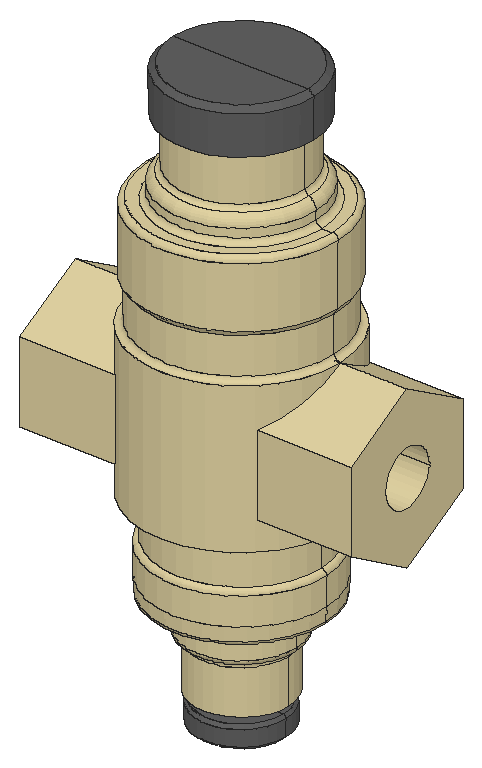
Revit family "HS00300000", category Apparecchi idraulici, Revit 2020
Family settings
  Quota connettore circolare = Usa diametro
  Tipo di parte = Normale
  Numero OmniClass = 23.45.00.00
  Titolo OmniClass = Sanitary, Laundry, and Cleaning Equipment
  Basato su piano di lavoro = No
  Sempre verticale = Sì
  Taglio con vuoti quando caricato = No
  Condiviso = No
  Punto di calcolo locali = No
Parameters
  URL = "https://web.cimberio.it/index.php/figura/896?subcategoria_id=42"
  Temperatura di esercizio = "0 ÷ 80°C"
  Prospetto di default = 0 mm
  Produttore = "CIMBERIO SPA"
  Pressione nominale = "PN 15"
  Modello = "Cim 1060"
  Materiale = "Prodotto in lega di ottone conforme alla norma EN 12165-CW617N-DW."
  Descrizione = "Utilizzato nei più svariati settori dell'impiantistica: reti di distribuzione acqua potabile, impianti di riscaldamento, condizionamento, igienico-sanitari e in generale con ogni fluido non corrosivo."
  DN Model [instance] = HS00301010 : HS00301010
  DN [instance] = 10 mm
  Commenti sul tipo = "Realizzato in ottemperanza ai requisiti gestionali della norma EN ISO 9001. Collaudato al 100% secondo la normativa EN 12266-1."
Reference planes
  plane 1 "Centro (Fronte/Retro)": y = 0
  plane 2: z = 0
  plane 3 "Centro (Sinistra/Destra)": x = 0
Dimensions and locks
  aligned and locked: level to plane 2
Nested families
  nested 1: "HS00301010" at (0, 0, 0), type <- "DN Model", type "HS00301010"
  nested 2: "HS00301010" at (0, 0, 0), type <- "DN Model", type "HS00301010"
  nested 3: "HS00301010" at (0, 0, 0), type <- "DN Model", type "HS00301010"
Connectors
  piping at (30, 0, 0), diameter 10, driven by "DN"
    settings: on nested 1, index 1, connector inside diameter 609.6 mm, connector length 0 mm, flow factor 0, pipe flow 0.0 L/s, pressure drop 0.0 Pa, fitting loss kfactor 0, connector angle 0.00°, fixture units 0, engagement length 0 mm, angle of deflection 0.00°, flow configuration 0, flow direction 0, fitting loss method 0, system type 7, joint type 0, gender type 0, connector reference index -1, connector utility 0, adjustable connector no, is connector primary yes, connector description ""
  piping at (-30, 0, 0), diameter 10, driven by "DN"
    settings: on nested 1, index 2, connector inside diameter 609.6 mm, connector length 0 mm, flow factor 0, pipe flow 0.0 L/s, pressure drop 0.0 Pa, fitting loss kfactor 0, connector angle 0.00°, fixture units 0, engagement length 0 mm, angle of deflection 0.00°, flow configuration 0, flow direction 0, fitting loss method 0, system type 7, joint type 0, gender type 0, connector reference index -1, connector utility 0, adjustable connector no, is connector primary no, connector description ""
Definition of nested family "HS00301010"
  Parameters (values of type "HS00301010")
    Default Elevation = 0 mm
  Reference planes
    plane 1 "Centro (Fronte/Retro)": y = 0
    plane 2: z = 0
    plane 3 "Centro (Sinistra/Destra)": x = 0
  Forms (mm)
    Revolve 1, solid
      sketch origin (0, 0, 0) x (1, 0, 0) y (0, 0, 1)
        loop
          line (-5, 48.8) -> (-11.5, 48.8) -> (-11.5, 40.34)
          arc (-11.5, 40.34) -> (-11.684, 39.758) -> (-12.168, 39.386) r 1.016
          arc (-12.168, 39.386) -> (-13.129, 38.651) -> (-13.5, 37.5) r 2.024
          line (-13.5, 37.5) -> (-13.5, 36)
          arc (-13.5, 36) -> (-13.793, 35.293) -> (-14.5, 35) r 1
          line (-14.5, 35) -> (-16.5, 35)
          arc (-16.5, 35) -> (-17.207, 34.707) -> (-17.5, 34) r 1
          line (-17.5, 34) -> (-17.5, 23) -> (-16.75, 22) -> (-16.75, 15.408)
          arc (-16.75, 15.408) -> (-17.124, 14.641) -> (-17.959, 14.463) r 0.974
          line (-17.959, 14.463) -> (-17.959, -12.504) -> (-16.476, -12.504)
          arc (-16.476, -12.504) -> (-15.094, -13.069) -> (-14.502, -14.44) r 1.975
          line (-14.502, -14.44) -> (-14.502, -20.004)
          arc (-14.502, -20.004) -> (-15.142, -20.329) -> (-15.4, -20.999) r 1
          line (-15.4, -20.999) -> (-15.4, -26.004) -> (-15.25, -28.504)
          arc (-15.25, -28.504) -> (-15.103, -28.858) -> (-14.749, -29.004) r 0.5
          line (-14.749, -29.004) -> (-11, -29.004)
          arc (-11, -29.004) -> (-10.293, -29.297) -> (-10, -30.004) r 1
          line (-10, -30.004) -> (-10, -34.504)
          arc (-10, -34.504) -> (-9.809, -35.092) -> (-9.308, -35.455) r 1
          arc (-9.308, -35.455) -> (-8.728, -35.804) -> (-8.5, -36.442) r 1.006
          line (-8.5, -36.442) -> (-8.5, -44.504) -> (-5, -44.504) -> (-5, 48.8)
        axis (0, 48.8) -> (0, -44.504)
      angle from 0 to 360
    Extrusion 2, solid
      sketch origin (0, 0, 0) x (0, 1, 0) y (0, 0, 1)
        loop
          circle (0, 0) r 5
        loop
          line (0, 14.5) -> (-12.557, 7.25) -> (-12.557, -7.25) -> (0, -14.5) -> (12.557, -7.25) -> (12.557, 7.25) -> (0, 14.5)
      from -30 to -9.162
    Revolve 3, solid
      sketch origin (0, 0, 0) x (1, 0, 0) y (0, 0, 1)
        loop
          line (0, 56.8) -> (-12.15, 56.8) -> (-13.149, 55.801) -> (-13.122, 48.8) -> (0, 48.8) -> (0, 56.8)
        axis (0, 56.8) -> (0, 48.8)
      angle from 0 to 360
    Extrusion 4, solid
      sketch origin (0, 0, 0) x (0, 1, 0) y (0, 0, -1)
        loop
          circle (0, 0) r 5
        loop
          line (0, -14.5) -> (12.557, -7.25) -> (12.557, 7.25) -> (0, 14.5) -> (-12.557, 7.25) -> (-12.557, -7.25) -> (0, -14.5)
      from -30 to -9.162
    Revolve 5, solid
      sketch origin (0, 0, 0) x (1, 0, 0) y (0, 0, 1)
        loop
          line (-4.5, -44.504) -> (-4.5, -46.104) -> (0, -46.104) -> (0, -44.504) -> (-4.5, -44.504)
        axis (0, -44.504) -> (0, -46.104)
      angle from 0 to 360
    Revolve 6, solid
      sketch origin (0, 0, 0) x (1, 0, 0) y (0, 0, 1)
        loop
          line (0, -46.104) -> (-7.599, -46.104) -> (-8.082, -46.722) -> (-8.082, -49.604) -> (-7.478, -50.11) -> (0, -50.11) -> (0, -46.104)
        axis (0, -46.104) -> (0, -50.11)
      angle from 0 to 360
  Dimensions and locks
    aligned and locked: level to plane 2
